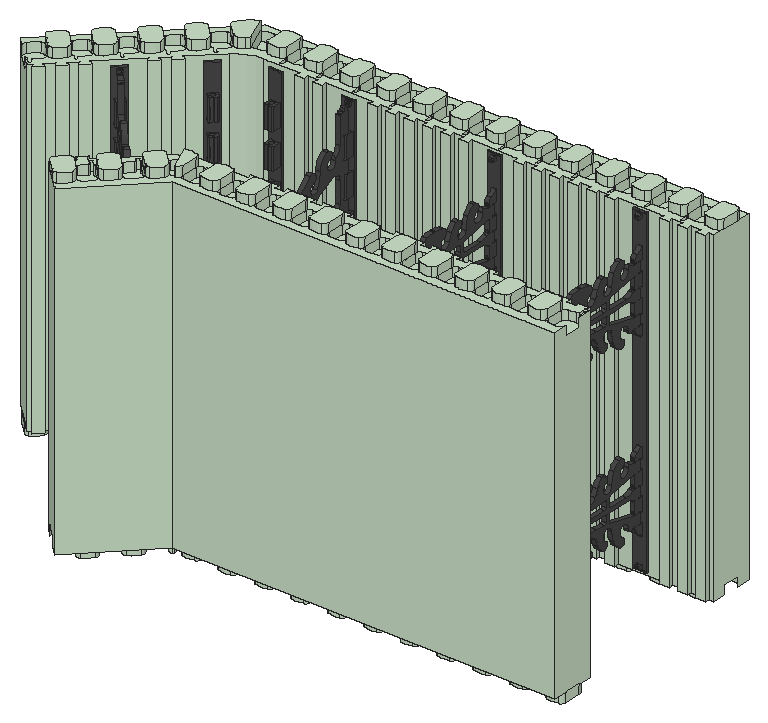
Revit family
Reference planes (in)
  plane 1 "Center (Front/Back)": y = 0
  plane 2: z = 0
  plane 3 "Center (Left/Right)": x = 0
  plane 4: y = 4
  plane 5: y = -4
  plane 6: through (-1.94975, 3.70711, 48) normal (0.7071, -0.7071, 0)
  plane 7: through (4.67464, 4.67464, 48) normal (0.7071, -0.7071, 0)
  plane 8: through (7.50307, 1.84621, 48) normal (0.7071, -0.7071, 0)
  plane 9: z = 18
Forms (in)
  Extrusion 1, solid, material "NUDURA Expanded Polystyrene Foam Insulation"
    sketch origin (0, 0, 0) x (1, 0, 0) y (0, 1, 0)
      loop
        line (-2.74416, 6.625) -> (-10.19068, -0.82151) -> (-8.5113, -2.50089) -> (-8.31249, -2.30208) -> (-8.17978, -2.52293) -> (-7.78216, -2.1253) -> (-8.00301, -1.9926) -> (-7.60538, -1.59497) -> (-7.47268, -1.81582) -> (-7.07505, -1.41819) -> (-7.2959, -1.28549) -> (-6.89827, -0.88786) -> (-6.76557, -1.10872) -> (-6.36794, -0.71109) -> (-6.58879, -0.57839) -> (-4.77695, 1.23346) -> (-4.64425, 1.0126) -> (-4.24662, 1.41023) -> (-4.46747, 1.54293) -> (-4.06985, 1.94056) -> (-3.93714, 1.71971) -> (-3.53952, 2.11734) -> (-3.76037, 2.25004) -> (-2.34619, 3.66421)
        arc (-2.34619, 3.66421) -> (-1.69735, 4.09776) -> (-0.93198, 4.25) r 2
        line (-0.93198, 4.25) -> (1.06796, 4.25) -> (1.00563, 4) -> (1.56796, 4) -> (1.50563, 4.25) -> (2.06796, 4.25) -> (2.00563, 4) -> (2.56796, 4) -> (2.50563, 4.25) -> (5.06796, 4.25) -> (5.00563, 4) -> (5.56796, 4) -> (5.50563, 4.25) -> (6.06796, 4.25) -> (6.00563, 4) -> (6.56796, 4) -> (6.50563, 4.25) -> (7.06796, 4.25) -> (7.00563, 4) -> (7.56796, 4) -> (7.50563, 4.25) -> (8.06796, 4.25) -> (8.00563, 4) -> (8.56796, 4) -> (8.50563, 4.25) -> (9.06796, 4.25) -> (9.00563, 4) -> (9.56796, 4) -> (9.50563, 4.25) -> (10.06796, 4.25) -> (10.00563, 4) -> (10.56796, 4) -> (10.50563, 4.25) -> (13.06796, 4.25) -> (13.00563, 4) -> (13.56796, 4) -> (13.50563, 4.25) -> (14.06796, 4.25) -> (14.00563, 4) -> (14.56796, 4) -> (14.50563, 4.25) -> (15.06796, 4.25) -> (15.00563, 4) -> (15.56796, 4) -> (15.50563, 4.25) -> (16.06796, 4.25) -> (16.00563, 4) -> (16.56796, 4) -> (16.50563, 4.25) -> (17.06796, 4.25) -> (17.00563, 4) -> (17.56796, 4) -> (17.50563, 4.25) -> (18.06796, 4.25) -> (18.00563, 4) -> (18.56796, 4) -> (18.50563, 4.25) -> (21.06796, 4.25) -> (21.00563, 4) -> (21.56796, 4) -> (21.50563, 4.25) -> (22.06796, 4.25) -> (22.00563, 4) -> (22.56796, 4) -> (22.50563, 4.25) -> (23.06796, 4.25) -> (23.00563, 4) -> (23.56796, 4) -> (23.50563, 4.25) -> (23.7868, 4.25) -> (23.7868, 6.625) -> (-2.74416, 6.625)
      loop
        line (23.7868, -4.25) -> (23.50563, -4.25) -> (23.56796, -4) -> (23.00563, -4) -> (23.06796, -4.25) -> (22.50563, -4.25) -> (22.56796, -4) -> (22.00563, -4) -> (22.06796, -4.25) -> (21.50563, -4.25) -> (21.56796, -4) -> (21.00563, -4) -> (21.06796, -4.25) -> (18.50563, -4.25) -> (18.56796, -4) -> (18.00563, -4) -> (18.06796, -4.25) -> (17.50563, -4.25) -> (17.56796, -4) -> (17.00563, -4) -> (17.06796, -4.25) -> (16.50563, -4.25) -> (16.56796, -4) -> (16.00563, -4) -> (16.06796, -4.25) -> (15.50563, -4.25) -> (15.56796, -4) -> (15.00563, -4) -> (15.06796, -4.25) -> (14.50563, -4.25) -> (14.56796, -4) -> (14.00563, -4) -> (14.06796, -4.25) -> (13.50563, -4.25) -> (13.56796, -4) -> (13.00563, -4) -> (13.06796, -4.25) -> (10.50563, -4.25) -> (10.56796, -4) -> (10.00563, -4) -> (10.06796, -4.25) -> (9.50563, -4.25) -> (9.56796, -4) -> (9.00563, -4) -> (9.06796, -4.25) -> (8.50563, -4.25) -> (8.56796, -4) -> (8.00563, -4) -> (8.06796, -4.25) -> (7.50563, -4.25) -> (7.56796, -4) -> (7.00563, -4) -> (7.06796, -4.25) -> (6.50563, -4.25) -> (6.56796, -4) -> (6.00563, -4) -> (6.06796, -4.25) -> (5.50563, -4.25) -> (5.56796, -4) -> (5.00563, -4) -> (5.06796, -4.25) -> (2.58883, -4.25)
        arc (2.58883, -4.25) -> (1.82347, -4.40224) -> (1.17462, -4.83579) r 2
        line (1.17462, -4.83579) -> (-0.57839, -6.58879) -> (-0.71109, -6.36794) -> (-1.10872, -6.76557) -> (-0.88786, -6.89827) -> (-1.28549, -7.2959) -> (-1.41819, -7.07505) -> (-1.81582, -7.47268) -> (-1.59497, -7.60538) -> (-1.9926, -8.00301) -> (-2.1253, -7.78216) -> (-2.52293, -8.17978) -> (-2.30208, -8.31249) -> (-2.50089, -8.5113) -> (-0.82151, -10.19068) -> (2.74416, -6.625) -> (23.7868, -6.625) -> (23.7868, -4.25)
    from 0 to 18
  Extrusion 2, solid, material "NUDURA Expanded Polystyrene Foam Insulation"
    sketch origin (-0.41421, -1, 0) x (1, 0, 0) y (0, 1, 0)
      loop
        line (2.70101, -3.6875) -> (2.35584, -3.6875) -> (2.96352, -5.15456)
        arc (2.96352, -5.15456) -> (2.99587, -5.14577) -> (3.02793, -5.13595) r 1.0625
        arc (3.02793, -5.13595) -> (3.15316, -5.04517) -> (3.20101, -4.89808) r 0.25
        line (3.20101, -4.89808) -> (3.20101, -3.97692)
        arc (3.20101, -3.97692) -> (3.15316, -3.82983) -> (3.02793, -3.73905) r 0.25
        arc (3.02793, -3.73905) -> (2.86649, -3.70047) -> (2.70101, -3.6875) r 1.0625
    from 18 to 18.5
  Extrusion 3, solid, material "NUDURA Expanded Polystyrene Foam Insulation"
    sketch origin (-0.41421, 1, 0) x (1, 0, 0) y (0, 1, 0)
      loop
        line (-1.52741, 3.6875) -> (-2.09947, 5.06856)
        arc (-2.09947, 5.06856) -> (-2.3696, 4.92417) -> (-2.60638, 4.72985) r 1.5625
        line (-2.60638, 4.72985) -> (-2.74959, 4.58664)
        arc (-2.74959, 4.58664) -> (-2.85744, 4.46046) -> (-2.94431, 4.31902) r 1.0625
        arc (-2.94431, 4.31902) -> (-2.96867, 4.16628) -> (-2.8985, 4.02844) r 0.25
        line (-2.8985, 4.02844) -> (-2.24713, 3.37708)
        arc (-2.24713, 3.37708) -> (-2.10929, 3.3069) -> (-1.95655, 3.33126) r 0.25
        arc (-1.95655, 3.33126) -> (-1.81511, 3.41814) -> (-1.68893, 3.52598) r 1.0625
        line (-1.68893, 3.52598) -> (-1.52741, 3.6875)
    from 18 to 18.5
  Extrusion 4, solid, material "NUDURA Expanded Polystyrene Foam Insulation"
    sketch origin (-0.41421, 1, 0) x (1, 0, 0) y (0, 1, 0)
      loop
        line (-1.52741, 3.6875) -> (-1.29899, 3.6875)
        arc (-1.29899, 3.6875) -> (-1.13351, 3.70047) -> (-0.97207, 3.73905) r 1.0625
        arc (-0.97207, 3.73905) -> (-0.84684, 3.82983) -> (-0.79899, 3.97692) r 0.25
        line (-0.79899, 3.97692) -> (-0.79899, 4.89808)
        arc (-0.79899, 4.89808) -> (-0.84684, 5.04517) -> (-0.97207, 5.13595) r 0.25
        arc (-0.97207, 5.13595) -> (-1.13351, 5.17453) -> (-1.29899, 5.1875) r 1.0625
        line (-1.29899, 5.1875) -> (-1.50152, 5.1875)
        arc (-1.50152, 5.1875) -> (-1.80635, 5.15748) -> (-2.09947, 5.06856) r 1.5625
        line (-2.09947, 5.06856) -> (-1.52741, 3.6875)
    from 0 to -0.5
  Extrusion 5, solid, material "NUDURA Expanded Polystyrene Foam Insulation"
    sketch origin (1, -0.41421, 0) x (1, 0, 0) y (0, 1, 0)
      loop
        line (0.54865, -5.07556) -> (1.20001, -5.72692)
        arc (1.20001, -5.72692) -> (1.33785, -5.7971) -> (1.4906, -5.77274) r 0.25
        arc (1.4906, -5.77274) -> (1.5202, -5.75701) -> (1.5493, -5.74035) r 1.0625
        line (1.5493, -5.74035) -> (0.94163, -4.27329) -> (0.69755, -4.51736)
        arc (0.69755, -4.51736) -> (0.58971, -4.64354) -> (0.50283, -4.78498) r 1.0625
        arc (0.50283, -4.78498) -> (0.47848, -4.93772) -> (0.54865, -5.07556) r 0.25
    from 0 to -0.5
  Extrusion 6, void
    sketch origin (1, -0.41421, 0) x (1, 0, 0) y (0, 1, 0)
      loop
        arc (-1.33783, -8.60117) -> (-1.07021, -8.40645) -> (-0.87549, -8.13883) r 1.0625
        arc (-0.87549, -8.13883) -> (-0.85114, -7.98608) -> (-0.92131, -7.84824) r 0.25
        line (-0.92131, -7.84824) -> (-1.57267, -7.19688)
        arc (-1.57267, -7.19688) -> (-1.64938, -7.14456) -> (-1.7399, -7.12384) r 0.25
        arc (-1.7399, -7.12384) -> (-1.76253, -7.11866) -> (-1.78171, -7.10558) r 0.0625
        line (-1.78171, -7.10558) -> (-2.02643, -6.86086) -> (-2.14723, -6.98165) -> (-1.99053, -7.13835)
        arc (-1.99053, -7.13835) -> (-1.97244, -7.18765) -> (-1.99833, -7.23335) r 0.0625
        arc (-1.99833, -7.23335) -> (-2.18471, -7.40379) -> (-2.32559, -7.6134) r 1.0625
        arc (-2.32559, -7.6134) -> (-2.34995, -7.76615) -> (-2.27978, -7.90399) r 0.25
        line (-2.27978, -7.90399) -> (-1.62842, -8.55535)
        arc (-1.62842, -8.55535) -> (-1.49058, -8.62552) -> (-1.33783, -8.60117) r 0.25
    from 18 to 17.5
  Extrusion 7, void
    sketch origin (2.41421, 1, 0) x (1, 0, 0) y (0, 1, 0)
      loop
        arc (-1.33783, -8.60117) -> (-1.07021, -8.40645) -> (-0.87549, -8.13883) r 1.0625
        arc (-0.87549, -8.13883) -> (-0.85114, -7.98608) -> (-0.92131, -7.84824) r 0.25
        line (-0.92131, -7.84824) -> (-1.57267, -7.19688)
        arc (-1.57267, -7.19688) -> (-1.64938, -7.14456) -> (-1.7399, -7.12384) r 0.25
        arc (-1.7399, -7.12384) -> (-1.76253, -7.11866) -> (-1.78171, -7.10558) r 0.0625
        line (-1.78171, -7.10558) -> (-2.02643, -6.86086) -> (-2.14723, -6.98165) -> (-1.99053, -7.13835)
        arc (-1.99053, -7.13835) -> (-1.97244, -7.18765) -> (-1.99833, -7.23335) r 0.0625
        arc (-1.99833, -7.23335) -> (-2.18471, -7.40379) -> (-2.32559, -7.6134) r 1.0625
        arc (-2.32559, -7.6134) -> (-2.34995, -7.76615) -> (-2.27978, -7.90399) r 0.25
        line (-2.27978, -7.90399) -> (-1.62842, -8.55535)
        arc (-1.62842, -8.55535) -> (-1.49058, -8.62552) -> (-1.33783, -8.60117) r 0.25
    from 18 to 17.5
  Extrusion 8, void
    sketch origin (9.98781, -1, 0) x (0.707107, -0.707107, 0) y (0.707107, 0.707107, 0)
      loop
        arc (-1.33783, -8.60117) -> (-1.07021, -8.40645) -> (-0.87549, -8.13883) r 1.0625
        arc (-0.87549, -8.13883) -> (-0.85114, -7.98608) -> (-0.92131, -7.84824) r 0.25
        line (-0.92131, -7.84824) -> (-1.57267, -7.19688)
        arc (-1.57267, -7.19688) -> (-1.64938, -7.14456) -> (-1.7399, -7.12384) r 0.25
        arc (-1.7399, -7.12384) -> (-1.76253, -7.11866) -> (-1.78171, -7.10558) r 0.0625
        line (-1.78171, -7.10558) -> (-2.02643, -6.86086) -> (-2.14723, -6.98165) -> (-1.99053, -7.13835)
        arc (-1.99053, -7.13835) -> (-1.97244, -7.18765) -> (-1.99833, -7.23335) r 0.0625
        arc (-1.99833, -7.23335) -> (-2.18471, -7.40379) -> (-2.32559, -7.6134) r 1.0625
        arc (-2.32559, -7.6134) -> (-2.34995, -7.76615) -> (-2.27978, -7.90399) r 0.25
        line (-2.27978, -7.90399) -> (-1.62842, -8.55535)
        arc (-1.62842, -8.55535) -> (-1.49058, -8.62552) -> (-1.33783, -8.60117) r 0.25
    from 18 to 17.5
  Extrusion 9, void
    sketch origin (11.98781, -1, 0) x (0.707107, -0.707107, 0) y (0.707107, 0.707107, 0)
      loop
        arc (-1.33783, -8.60117) -> (-1.07021, -8.40645) -> (-0.87549, -8.13883) r 1.0625
        arc (-0.87549, -8.13883) -> (-0.85114, -7.98608) -> (-0.92131, -7.84824) r 0.25
        line (-0.92131, -7.84824) -> (-1.57267, -7.19688)
        arc (-1.57267, -7.19688) -> (-1.64938, -7.14456) -> (-1.7399, -7.12384) r 0.25
        arc (-1.7399, -7.12384) -> (-1.76253, -7.11866) -> (-1.78171, -7.10558) r 0.0625
        line (-1.78171, -7.10558) -> (-2.02643, -6.86086) -> (-2.14723, -6.98165) -> (-1.99053, -7.13835)
        arc (-1.99053, -7.13835) -> (-1.97244, -7.18765) -> (-1.99833, -7.23335) r 0.0625
        arc (-1.99833, -7.23335) -> (-2.18471, -7.40379) -> (-2.32559, -7.6134) r 1.0625
        arc (-2.32559, -7.6134) -> (-2.34995, -7.76615) -> (-2.27978, -7.90399) r 0.25
        line (-2.27978, -7.90399) -> (-1.62842, -8.55535)
        arc (-1.62842, -8.55535) -> (-1.49058, -8.62552) -> (-1.33783, -8.60117) r 0.25
    from 18 to 17.5
  Extrusion 10, void
    sketch origin (13.98781, -1, 0) x (0.707107, -0.707107, 0) y (0.707107, 0.707107, 0)
      loop
        arc (-1.33783, -8.60117) -> (-1.07021, -8.40645) -> (-0.87549, -8.13883) r 1.0625
        arc (-0.87549, -8.13883) -> (-0.85114, -7.98608) -> (-0.92131, -7.84824) r 0.25
        line (-0.92131, -7.84824) -> (-1.57267, -7.19688)
        arc (-1.57267, -7.19688) -> (-1.64938, -7.14456) -> (-1.7399, -7.12384) r 0.25
        arc (-1.7399, -7.12384) -> (-1.76253, -7.11866) -> (-1.78171, -7.10558) r 0.0625
        line (-1.78171, -7.10558) -> (-2.02643, -6.86086) -> (-2.14723, -6.98165) -> (-1.99053, -7.13835)
        arc (-1.99053, -7.13835) -> (-1.97244, -7.18765) -> (-1.99833, -7.23335) r 0.0625
        arc (-1.99833, -7.23335) -> (-2.18471, -7.40379) -> (-2.32559, -7.6134) r 1.0625
        arc (-2.32559, -7.6134) -> (-2.34995, -7.76615) -> (-2.27978, -7.90399) r 0.25
        line (-2.27978, -7.90399) -> (-1.62842, -8.55535)
        arc (-1.62842, -8.55535) -> (-1.49058, -8.62552) -> (-1.33783, -8.60117) r 0.25
    from 18 to 17.5
  Extrusion 11, void
    sketch origin (15.98781, -1, 0) x (0.707107, -0.707107, 0) y (0.707107, 0.707107, 0)
      loop
        arc (-1.33783, -8.60117) -> (-1.07021, -8.40645) -> (-0.87549, -8.13883) r 1.0625
        arc (-0.87549, -8.13883) -> (-0.85114, -7.98608) -> (-0.92131, -7.84824) r 0.25
        line (-0.92131, -7.84824) -> (-1.57267, -7.19688)
        arc (-1.57267, -7.19688) -> (-1.64938, -7.14456) -> (-1.7399, -7.12384) r 0.25
        arc (-1.7399, -7.12384) -> (-1.76253, -7.11866) -> (-1.78171, -7.10558) r 0.0625
        line (-1.78171, -7.10558) -> (-2.02643, -6.86086) -> (-2.14723, -6.98165) -> (-1.99053, -7.13835)
        arc (-1.99053, -7.13835) -> (-1.97244, -7.18765) -> (-1.99833, -7.23335) r 0.0625
        arc (-1.99833, -7.23335) -> (-2.18471, -7.40379) -> (-2.32559, -7.6134) r 1.0625
        arc (-2.32559, -7.6134) -> (-2.34995, -7.76615) -> (-2.27978, -7.90399) r 0.25
        line (-2.27978, -7.90399) -> (-1.62842, -8.55535)
        arc (-1.62842, -8.55535) -> (-1.49058, -8.62552) -> (-1.33783, -8.60117) r 0.25
    from 18 to 17.5
  Extrusion 12, void
    sketch origin (17.98781, -1, 0) x (0.707107, -0.707107, 0) y (0.707107, 0.707107, 0)
      loop
        arc (-1.33783, -8.60117) -> (-1.07021, -8.40645) -> (-0.87549, -8.13883) r 1.0625
        arc (-0.87549, -8.13883) -> (-0.85114, -7.98608) -> (-0.92131, -7.84824) r 0.25
        line (-0.92131, -7.84824) -> (-1.57267, -7.19688)
        arc (-1.57267, -7.19688) -> (-1.64938, -7.14456) -> (-1.7399, -7.12384) r 0.25
        arc (-1.7399, -7.12384) -> (-1.76253, -7.11866) -> (-1.78171, -7.10558) r 0.0625
        line (-1.78171, -7.10558) -> (-2.02643, -6.86086) -> (-2.14723, -6.98165) -> (-1.99053, -7.13835)
        arc (-1.99053, -7.13835) -> (-1.97244, -7.18765) -> (-1.99833, -7.23335) r 0.0625
        arc (-1.99833, -7.23335) -> (-2.18471, -7.40379) -> (-2.32559, -7.6134) r 1.0625
        arc (-2.32559, -7.6134) -> (-2.34995, -7.76615) -> (-2.27978, -7.90399) r 0.25
        line (-2.27978, -7.90399) -> (-1.62842, -8.55535)
        arc (-1.62842, -8.55535) -> (-1.49058, -8.62552) -> (-1.33783, -8.60117) r 0.25
    from 18 to 17.5
  Extrusion 13, void
    sketch origin (19.98781, -1, 0) x (0.707107, -0.707107, 0) y (0.707107, 0.707107, 0)
      loop
        arc (-1.33783, -8.60117) -> (-1.07021, -8.40645) -> (-0.87549, -8.13883) r 1.0625
        arc (-0.87549, -8.13883) -> (-0.85114, -7.98608) -> (-0.92131, -7.84824) r 0.25
        line (-0.92131, -7.84824) -> (-1.57267, -7.19688)
        arc (-1.57267, -7.19688) -> (-1.64938, -7.14456) -> (-1.7399, -7.12384) r 0.25
        arc (-1.7399, -7.12384) -> (-1.76253, -7.11866) -> (-1.78171, -7.10558) r 0.0625
        line (-1.78171, -7.10558) -> (-2.02643, -6.86086) -> (-2.14723, -6.98165) -> (-1.99053, -7.13835)
        arc (-1.99053, -7.13835) -> (-1.97244, -7.18765) -> (-1.99833, -7.23335) r 0.0625
        arc (-1.99833, -7.23335) -> (-2.18471, -7.40379) -> (-2.32559, -7.6134) r 1.0625
        arc (-2.32559, -7.6134) -> (-2.34995, -7.76615) -> (-2.27978, -7.90399) r 0.25
        line (-2.27978, -7.90399) -> (-1.62842, -8.55535)
        arc (-1.62842, -8.55535) -> (-1.49058, -8.62552) -> (-1.33783, -8.60117) r 0.25
    from 18 to 17.5
  Extrusion 14, void
    sketch origin (21.98781, -1, 0) x (0.707107, -0.707107, 0) y (0.707107, 0.707107, 0)
      loop
        arc (-1.33783, -8.60117) -> (-1.07021, -8.40645) -> (-0.87549, -8.13883) r 1.0625
        arc (-0.87549, -8.13883) -> (-0.85114, -7.98608) -> (-0.92131, -7.84824) r 0.25
        line (-0.92131, -7.84824) -> (-1.57267, -7.19688)
        arc (-1.57267, -7.19688) -> (-1.64938, -7.14456) -> (-1.7399, -7.12384) r 0.25
        arc (-1.7399, -7.12384) -> (-1.76253, -7.11866) -> (-1.78171, -7.10558) r 0.0625
        line (-1.78171, -7.10558) -> (-2.02643, -6.86086) -> (-2.14723, -6.98165) -> (-1.99053, -7.13835)
        arc (-1.99053, -7.13835) -> (-1.97244, -7.18765) -> (-1.99833, -7.23335) r 0.0625
        arc (-1.99833, -7.23335) -> (-2.18471, -7.40379) -> (-2.32559, -7.6134) r 1.0625
        arc (-2.32559, -7.6134) -> (-2.34995, -7.76615) -> (-2.27978, -7.90399) r 0.25
        line (-2.27978, -7.90399) -> (-1.62842, -8.55535)
        arc (-1.62842, -8.55535) -> (-1.49058, -8.62552) -> (-1.33783, -8.60117) r 0.25
    from 18 to 17.5
  Extrusion 15, void
    sketch origin (23.98781, -1, 0) x (0.707107, -0.707107, 0) y (0.707107, 0.707107, 0)
      loop
        arc (-1.33783, -8.60117) -> (-1.07021, -8.40645) -> (-0.87549, -8.13883) r 1.0625
        arc (-0.87549, -8.13883) -> (-0.85114, -7.98608) -> (-0.92131, -7.84824) r 0.25
        line (-0.92131, -7.84824) -> (-1.57267, -7.19688)
        arc (-1.57267, -7.19688) -> (-1.64938, -7.14456) -> (-1.7399, -7.12384) r 0.25
        arc (-1.7399, -7.12384) -> (-1.76253, -7.11866) -> (-1.78171, -7.10558) r 0.0625
        line (-1.78171, -7.10558) -> (-2.02643, -6.86086) -> (-2.14723, -6.98165) -> (-1.99053, -7.13835)
        arc (-1.99053, -7.13835) -> (-1.97244, -7.18765) -> (-1.99833, -7.23335) r 0.0625
        arc (-1.99833, -7.23335) -> (-2.18471, -7.40379) -> (-2.32559, -7.6134) r 1.0625
        arc (-2.32559, -7.6134) -> (-2.34995, -7.76615) -> (-2.27978, -7.90399) r 0.25
        line (-2.27978, -7.90399) -> (-1.62842, -8.55535)
        arc (-1.62842, -8.55535) -> (-1.49058, -8.62552) -> (-1.33783, -8.60117) r 0.25
    from 18 to 17.5
  Extrusion 16, void
    sketch origin (25.98781, -1, 0) x (0.707107, -0.707107, 0) y (0.707107, 0.707107, 0)
      loop
        arc (-1.33783, -8.60117) -> (-1.07021, -8.40645) -> (-0.87549, -8.13883) r 1.0625
        arc (-0.87549, -8.13883) -> (-0.85114, -7.98608) -> (-0.92131, -7.84824) r 0.25
        line (-0.92131, -7.84824) -> (-1.57267, -7.19688)
        arc (-1.57267, -7.19688) -> (-1.64938, -7.14456) -> (-1.7399, -7.12384) r 0.25
        arc (-1.7399, -7.12384) -> (-1.76253, -7.11866) -> (-1.78171, -7.10558) r 0.0625
        line (-1.78171, -7.10558) -> (-2.02643, -6.86086) -> (-2.14723, -6.98165) -> (-1.99053, -7.13835)
        arc (-1.99053, -7.13835) -> (-1.97244, -7.18765) -> (-1.99833, -7.23335) r 0.0625
        arc (-1.99833, -7.23335) -> (-2.18471, -7.40379) -> (-2.32559, -7.6134) r 1.0625
        arc (-2.32559, -7.6134) -> (-2.34995, -7.76615) -> (-2.27978, -7.90399) r 0.25
        line (-2.27978, -7.90399) -> (-1.62842, -8.55535)
        arc (-1.62842, -8.55535) -> (-1.49058, -8.62552) -> (-1.33783, -8.60117) r 0.25
    from 18 to 17.5
  Extrusion 17, void
    sketch origin (27.98781, -1, 0) x (0.707107, -0.707107, 0) y (0.707107, 0.707107, 0)
      loop
        arc (-1.33783, -8.60117) -> (-1.07021, -8.40645) -> (-0.87549, -8.13883) r 1.0625
        arc (-0.87549, -8.13883) -> (-0.85114, -7.98608) -> (-0.92131, -7.84824) r 0.25
        line (-0.92131, -7.84824) -> (-1.57267, -7.19688)
        arc (-1.57267, -7.19688) -> (-1.64938, -7.14456) -> (-1.7399, -7.12384) r 0.25
        arc (-1.7399, -7.12384) -> (-1.76253, -7.11866) -> (-1.78171, -7.10558) r 0.0625
        line (-1.78171, -7.10558) -> (-2.02643, -6.86086) -> (-2.14723, -6.98165) -> (-1.99053, -7.13835)
        arc (-1.99053, -7.13835) -> (-1.97244, -7.18765) -> (-1.99833, -7.23335) r 0.0625
        arc (-1.99833, -7.23335) -> (-2.18471, -7.40379) -> (-2.32559, -7.6134) r 1.0625
        arc (-2.32559, -7.6134) -> (-2.34995, -7.76615) -> (-2.27978, -7.90399) r 0.25
        line (-2.27978, -7.90399) -> (-1.62842, -8.55535)
        arc (-1.62842, -8.55535) -> (-1.49058, -8.62552) -> (-1.33783, -8.60117) r 0.25
    from 18 to 17.5
  Extrusion 18, void
    sketch origin (29.98781, -1, 0) x (0.707107, -0.707107, 0) y (0.707107, 0.707107, 0)
      loop
        arc (-1.33783, -8.60117) -> (-1.07021, -8.40645) -> (-0.87549, -8.13883) r 1.0625
        arc (-0.87549, -8.13883) -> (-0.85114, -7.98608) -> (-0.92131, -7.84824) r 0.25
        line (-0.92131, -7.84824) -> (-1.57267, -7.19688)
        arc (-1.57267, -7.19688) -> (-1.64938, -7.14456) -> (-1.7399, -7.12384) r 0.25
        arc (-1.7399, -7.12384) -> (-1.76253, -7.11866) -> (-1.78171, -7.10558) r 0.0625
        line (-1.78171, -7.10558) -> (-2.02643, -6.86086) -> (-2.14723, -6.98165) -> (-1.99053, -7.13835)
        arc (-1.99053, -7.13835) -> (-1.97244, -7.18765) -> (-1.99833, -7.23335) r 0.0625
        arc (-1.99833, -7.23335) -> (-2.18471, -7.40379) -> (-2.32559, -7.6134) r 1.0625
        arc (-2.32559, -7.6134) -> (-2.34995, -7.76615) -> (-2.27978, -7.90399) r 0.25
        line (-2.27978, -7.90399) -> (-1.62842, -8.55535)
        arc (-1.62842, -8.55535) -> (-1.49058, -8.62552) -> (-1.33783, -8.60117) r 0.25
    from 18 to 17.5
  Extrusion 19, void
    sketch origin (13.58579, 1, 0) x (-0.707107, 0.707107, 0) y (-0.707107, -0.707107, 0)
      loop
        arc (-1.33783, -8.60117) -> (-1.07021, -8.40645) -> (-0.87549, -8.13883) r 1.0625
        arc (-0.87549, -8.13883) -> (-0.85114, -7.98608) -> (-0.92131, -7.84824) r 0.25
        line (-0.92131, -7.84824) -> (-1.57267, -7.19688)
        arc (-1.57267, -7.19688) -> (-1.64938, -7.14456) -> (-1.7399, -7.12384) r 0.25
        arc (-1.7399, -7.12384) -> (-1.76253, -7.11866) -> (-1.78171, -7.10558) r 0.0625
        line (-1.78171, -7.10558) -> (-2.02643, -6.86086) -> (-2.14723, -6.98165) -> (-1.99053, -7.13835)
        arc (-1.99053, -7.13835) -> (-1.97244, -7.18765) -> (-1.99833, -7.23335) r 0.0625
        arc (-1.99833, -7.23335) -> (-2.18471, -7.40379) -> (-2.32559, -7.6134) r 1.0625
        arc (-2.32559, -7.6134) -> (-2.34995, -7.76615) -> (-2.27978, -7.90399) r 0.25
        line (-2.27978, -7.90399) -> (-1.62842, -8.55535)
        arc (-1.62842, -8.55535) -> (-1.49058, -8.62552) -> (-1.33783, -8.60117) r 0.25
    from 18 to 17.5
  Extrusion 20, void
    sketch origin (15.58579, 1, 0) x (-0.707107, 0.707107, 0) y (-0.707107, -0.707107, 0)
      loop
        arc (-1.33783, -8.60117) -> (-1.07021, -8.40645) -> (-0.87549, -8.13883) r 1.0625
        arc (-0.87549, -8.13883) -> (-0.85114, -7.98608) -> (-0.92131, -7.84824) r 0.25
        line (-0.92131, -7.84824) -> (-1.57267, -7.19688)
        arc (-1.57267, -7.19688) -> (-1.64938, -7.14456) -> (-1.7399, -7.12384) r 0.25
        arc (-1.7399, -7.12384) -> (-1.76253, -7.11866) -> (-1.78171, -7.10558) r 0.0625
        line (-1.78171, -7.10558) -> (-2.02643, -6.86086) -> (-2.14723, -6.98165) -> (-1.99053, -7.13835)
        arc (-1.99053, -7.13835) -> (-1.97244, -7.18765) -> (-1.99833, -7.23335) r 0.0625
        arc (-1.99833, -7.23335) -> (-2.18471, -7.40379) -> (-2.32559, -7.6134) r 1.0625
        arc (-2.32559, -7.6134) -> (-2.34995, -7.76615) -> (-2.27978, -7.90399) r 0.25
        line (-2.27978, -7.90399) -> (-1.62842, -8.55535)
        arc (-1.62842, -8.55535) -> (-1.49058, -8.62552) -> (-1.33783, -8.60117) r 0.25
    from 18 to 17.5
  Extrusion 21, void
    sketch origin (11.58579, 1, 0) x (-0.707107, 0.707107, 0) y (-0.707107, -0.707107, 0)
      loop
        arc (-1.33783, -8.60117) -> (-1.07021, -8.40645) -> (-0.87549, -8.13883) r 1.0625
        arc (-0.87549, -8.13883) -> (-0.85114, -7.98608) -> (-0.92131, -7.84824) r 0.25
        line (-0.92131, -7.84824) -> (-1.57267, -7.19688)
        arc (-1.57267, -7.19688) -> (-1.64938, -7.14456) -> (-1.7399, -7.12384) r 0.25
        arc (-1.7399, -7.12384) -> (-1.76253, -7.11866) -> (-1.78171, -7.10558) r 0.0625
        line (-1.78171, -7.10558) -> (-2.02643, -6.86086) -> (-2.14723, -6.98165) -> (-1.99053, -7.13835)
        arc (-1.99053, -7.13835) -> (-1.97244, -7.18765) -> (-1.99833, -7.23335) r 0.0625
        arc (-1.99833, -7.23335) -> (-2.18471, -7.40379) -> (-2.32559, -7.6134) r 1.0625
        arc (-2.32559, -7.6134) -> (-2.34995, -7.76615) -> (-2.27978, -7.90399) r 0.25
        line (-2.27978, -7.90399) -> (-1.62842, -8.55535)
        arc (-1.62842, -8.55535) -> (-1.49058, -8.62552) -> (-1.33783, -8.60117) r 0.25
    from 18 to 17.5
  Extrusion 22, void
    sketch origin (9.58579, 1, 0) x (-0.707107, 0.707107, 0) y (-0.707107, -0.707107, 0)
      loop
        arc (-1.33783, -8.60117) -> (-1.07021, -8.40645) -> (-0.87549, -8.13883) r 1.0625
        arc (-0.87549, -8.13883) -> (-0.85114, -7.98608) -> (-0.92131, -7.84824) r 0.25
        line (-0.92131, -7.84824) -> (-1.57267, -7.19688)
        arc (-1.57267, -7.19688) -> (-1.64938, -7.14456) -> (-1.7399, -7.12384) r 0.25
        arc (-1.7399, -7.12384) -> (-1.76253, -7.11866) -> (-1.78171, -7.10558) r 0.0625
        line (-1.78171, -7.10558) -> (-2.02643, -6.86086) -> (-2.14723, -6.98165) -> (-1.99053, -7.13835)
        arc (-1.99053, -7.13835) -> (-1.97244, -7.18765) -> (-1.99833, -7.23335) r 0.0625
        arc (-1.99833, -7.23335) -> (-2.18471, -7.40379) -> (-2.32559, -7.6134) r 1.0625
        arc (-2.32559, -7.6134) -> (-2.34995, -7.76615) -> (-2.27978, -7.90399) r 0.25
        line (-2.27978, -7.90399) -> (-1.62842, -8.55535)
        arc (-1.62842, -8.55535) -> (-1.49058, -8.62552) -> (-1.33783, -8.60117) r 0.25
    from 18 to 17.5
  Extrusion 23, void
    sketch origin (7.58579, 1, 0) x (-0.707107, 0.707107, 0) y (-0.707107, -0.707107, 0)
      loop
        arc (-1.33783, -8.60117) -> (-1.07021, -8.40645) -> (-0.87549, -8.13883) r 1.0625
        arc (-0.87549, -8.13883) -> (-0.85114, -7.98608) -> (-0.92131, -7.84824) r 0.25
        line (-0.92131, -7.84824) -> (-1.57267, -7.19688)
        arc (-1.57267, -7.19688) -> (-1.64938, -7.14456) -> (-1.7399, -7.12384) r 0.25
        arc (-1.7399, -7.12384) -> (-1.76253, -7.11866) -> (-1.78171, -7.10558) r 0.0625
        line (-1.78171, -7.10558) -> (-2.02643, -6.86086) -> (-2.14723, -6.98165) -> (-1.99053, -7.13835)
        arc (-1.99053, -7.13835) -> (-1.97244, -7.18765) -> (-1.99833, -7.23335) r 0.0625
        arc (-1.99833, -7.23335) -> (-2.18471, -7.40379) -> (-2.32559, -7.6134) r 1.0625
        arc (-2.32559, -7.6134) -> (-2.34995, -7.76615) -> (-2.27978, -7.90399) r 0.25
        line (-2.27978, -7.90399) -> (-1.62842, -8.55535)
        arc (-1.62842, -8.55535) -> (-1.49058, -8.62552) -> (-1.33783, -8.60117) r 0.25
    from 18 to 17.5
  Extrusion 24, void
    sketch origin (5.58579, 1, 0) x (-0.707107, 0.707107, 0) y (-0.707107, -0.707107, 0)
      loop
        arc (-1.33783, -8.60117) -> (-1.07021, -8.40645) -> (-0.87549, -8.13883) r 1.0625
        arc (-0.87549, -8.13883) -> (-0.85114, -7.98608) -> (-0.92131, -7.84824) r 0.25
        line (-0.92131, -7.84824) -> (-1.57267, -7.19688)
        arc (-1.57267, -7.19688) -> (-1.64938, -7.14456) -> (-1.7399, -7.12384) r 0.25
        arc (-1.7399, -7.12384) -> (-1.76253, -7.11866) -> (-1.78171, -7.10558) r 0.0625
        line (-1.78171, -7.10558) -> (-2.02643, -6.86086) -> (-2.14723, -6.98165) -> (-1.99053, -7.13835)
        arc (-1.99053, -7.13835) -> (-1.97244, -7.18765) -> (-1.99833, -7.23335) r 0.0625
        arc (-1.99833, -7.23335) -> (-2.18471, -7.40379) -> (-2.32559, -7.6134) r 1.0625
        arc (-2.32559, -7.6134) -> (-2.34995, -7.76615) -> (-2.27978, -7.90399) r 0.25
        line (-2.27978, -7.90399) -> (-1.62842, -8.55535)
        arc (-1.62842, -8.55535) -> (-1.49058, -8.62552) -> (-1.33783, -8.60117) r 0.25
    from 18 to 17.5
  Extrusion 25, void
    sketch origin (3.58579, 1, 0) x (-0.707107, 0.707107, 0) y (-0.707107, -0.707107, 0)
      loop
        arc (-1.33783, -8.60117) -> (-1.07021, -8.40645) -> (-0.87549, -8.13883) r 1.0625
        arc (-0.87549, -8.13883) -> (-0.85114, -7.98608) -> (-0.92131, -7.84824) r 0.25
        line (-0.92131, -7.84824) -> (-1.57267, -7.19688)
        arc (-1.57267, -7.19688) -> (-1.64938, -7.14456) -> (-1.7399, -7.12384) r 0.25
        arc (-1.7399, -7.12384) -> (-1.76253, -7.11866) -> (-1.78171, -7.10558) r 0.0625
        line (-1.78171, -7.10558) -> (-2.02643, -6.86086) -> (-2.14723, -6.98165) -> (-1.99053, -7.13835)
        arc (-1.99053, -7.13835) -> (-1.97244, -7.18765) -> (-1.99833, -7.23335) r 0.0625
        arc (-1.99833, -7.23335) -> (-2.18471, -7.40379) -> (-2.32559, -7.6134) r 1.0625
        arc (-2.32559, -7.6134) -> (-2.34995, -7.76615) -> (-2.27978, -7.90399) r 0.25
        line (-2.27978, -7.90399) -> (-1.62842, -8.55535)
        arc (-1.62842, -8.55535) -> (-1.49058, -8.62552) -> (-1.33783, -8.60117) r 0.25
    from 18 to 17.5
  Extrusion 26, void
    sketch origin (1.58579, 1, 0) x (-0.707107, 0.707107, 0) y (-0.707107, -0.707107, 0)
      loop
        arc (-1.33783, -8.60117) -> (-1.07021, -8.40645) -> (-0.87549, -8.13883) r 1.0625
        arc (-0.87549, -8.13883) -> (-0.85114, -7.98608) -> (-0.92131, -7.84824) r 0.25
        line (-0.92131, -7.84824) -> (-1.57267, -7.19688)
        arc (-1.57267, -7.19688) -> (-1.64938, -7.14456) -> (-1.7399, -7.12384) r 0.25
        arc (-1.7399, -7.12384) -> (-1.76253, -7.11866) -> (-1.78171, -7.10558) r 0.0625
        line (-1.78171, -7.10558) -> (-2.02643, -6.86086) -> (-2.14723, -6.98165) -> (-1.99053, -7.13835)
        arc (-1.99053, -7.13835) -> (-1.97244, -7.18765) -> (-1.99833, -7.23335) r 0.0625
        arc (-1.99833, -7.23335) -> (-2.18471, -7.40379) -> (-2.32559, -7.6134) r 1.0625
        arc (-2.32559, -7.6134) -> (-2.34995, -7.76615) -> (-2.27978, -7.90399) r 0.25
        line (-2.27978, -7.90399) -> (-1.62842, -8.55535)
        arc (-1.62842, -8.55535) -> (-1.49058, -8.62552) -> (-1.33783, -8.60117) r 0.25
    from 18 to 17.5
  Extrusion 27, void
    sketch origin (-0.41421, 1, 0) x (-0.707107, 0.707107, 0) y (-0.707107, -0.707107, 0)
      loop
        arc (-1.33783, -8.60117) -> (-1.07021, -8.40645) -> (-0.87549, -8.13883) r 1.0625
        arc (-0.87549, -8.13883) -> (-0.85114, -7.98608) -> (-0.92131, -7.84824) r 0.25
        line (-0.92131, -7.84824) -> (-1.57267, -7.19688)
        arc (-1.57267, -7.19688) -> (-1.64938, -7.14456) -> (-1.7399, -7.12384) r 0.25
        arc (-1.7399, -7.12384) -> (-1.76253, -7.11866) -> (-1.78171, -7.10558) r 0.0625
        line (-1.78171, -7.10558) -> (-2.02643, -6.86086) -> (-2.14723, -6.98165) -> (-1.99053, -7.13835)
        arc (-1.99053, -7.13835) -> (-1.97244, -7.18765) -> (-1.99833, -7.23335) r 0.0625
        arc (-1.99833, -7.23335) -> (-2.18471, -7.40379) -> (-2.32559, -7.6134) r 1.0625
        arc (-2.32559, -7.6134) -> (-2.34995, -7.76615) -> (-2.27978, -7.90399) r 0.25
        line (-2.27978, -7.90399) -> (-1.62842, -8.55535)
        arc (-1.62842, -8.55535) -> (-1.49058, -8.62552) -> (-1.33783, -8.60117) r 0.25
    from 18 to 17.5
  Extrusion 28, void
    sketch origin (-2.41421, 1, 0) x (-0.707107, 0.707107, 0) y (-0.707107, -0.707107, 0)
      loop
        arc (-1.33783, -8.60117) -> (-1.07021, -8.40645) -> (-0.87549, -8.13883) r 1.0625
        arc (-0.87549, -8.13883) -> (-0.85114, -7.98608) -> (-0.92131, -7.84824) r 0.25
        line (-0.92131, -7.84824) -> (-1.57267, -7.19688)
        arc (-1.57267, -7.19688) -> (-1.64938, -7.14456) -> (-1.7399, -7.12384) r 0.25
        arc (-1.7399, -7.12384) -> (-1.76253, -7.11866) -> (-1.78171, -7.10558) r 0.0625
        line (-1.78171, -7.10558) -> (-2.02643, -6.86086) -> (-2.14723, -6.98165) -> (-1.99053, -7.13835)
        arc (-1.99053, -7.13835) -> (-1.97244, -7.18765) -> (-1.99833, -7.23335) r 0.0625
        arc (-1.99833, -7.23335) -> (-2.18471, -7.40379) -> (-2.32559, -7.6134) r 1.0625
        arc (-2.32559, -7.6134) -> (-2.34995, -7.76615) -> (-2.27978, -7.90399) r 0.25
        line (-2.27978, -7.90399) -> (-1.62842, -8.55535)
        arc (-1.62842, -8.55535) -> (-1.49058, -8.62552) -> (-1.33783, -8.60117) r 0.25
    from 18 to 17.5
  Extrusion 29, void
    sketch origin (-4.41421, 1, 0) x (-0.707107, 0.707107, 0) y (-0.707107, -0.707107, 0)
      loop
        arc (-1.33783, -8.60117) -> (-1.07021, -8.40645) -> (-0.87549, -8.13883) r 1.0625
        arc (-0.87549, -8.13883) -> (-0.85114, -7.98608) -> (-0.92131, -7.84824) r 0.25
        line (-0.92131, -7.84824) -> (-1.57267, -7.19688)
        arc (-1.57267, -7.19688) -> (-1.64938, -7.14456) -> (-1.7399, -7.12384) r 0.25
        arc (-1.7399, -7.12384) -> (-1.76253, -7.11866) -> (-1.78171, -7.10558) r 0.0625
        line (-1.78171, -7.10558) -> (-2.02643, -6.86086) -> (-2.14723, -6.98165) -> (-1.99053, -7.13835)
        arc (-1.99053, -7.13835) -> (-1.97244, -7.18765) -> (-1.99833, -7.23335) r 0.0625
        arc (-1.99833, -7.23335) -> (-2.18471, -7.40379) -> (-2.32559, -7.6134) r 1.0625
        arc (-2.32559, -7.6134) -> (-2.34995, -7.76615) -> (-2.27978, -7.90399) r 0.25
        line (-2.27978, -7.90399) -> (-1.62842, -8.55535)
        arc (-1.62842, -8.55535) -> (-1.49058, -8.62552) -> (-1.33783, -8.60117) r 0.25
    from 18 to 17.5
  Extrusion 30, void
    sketch origin (-6.41421, 1, 0) x (-0.707107, 0.707107, 0) y (-0.707107, -0.707107, 0)
      loop
        arc (-1.33783, -8.60117) -> (-1.07021, -8.40645) -> (-0.87549, -8.13883) r 1.0625
        arc (-0.87549, -8.13883) -> (-0.85114, -7.98608) -> (-0.92131, -7.84824) r 0.25
        line (-0.92131, -7.84824) -> (-1.57267, -7.19688)
        arc (-1.57267, -7.19688) -> (-1.64938, -7.14456) -> (-1.7399, -7.12384) r 0.25
        arc (-1.7399, -7.12384) -> (-1.76253, -7.11866) -> (-1.78171, -7.10558) r 0.0625
        line (-1.78171, -7.10558) -> (-2.02643, -6.86086) -> (-2.14723, -6.98165) -> (-1.99053, -7.13835)
        arc (-1.99053, -7.13835) -> (-1.97244, -7.18765) -> (-1.99833, -7.23335) r 0.0625
        arc (-1.99833, -7.23335) -> (-2.18471, -7.40379) -> (-2.32559, -7.6134) r 1.0625
        arc (-2.32559, -7.6134) -> (-2.34995, -7.76615) -> (-2.27978, -7.90399) r 0.25
        line (-2.27978, -7.90399) -> (-1.62842, -8.55535)
        arc (-1.62842, -8.55535) -> (-1.49058, -8.62552) -> (-1.33783, -8.60117) r 0.25
    from 18 to 17.5
  Extrusion 31, void
    sketch origin (-10.59798, -9.18377, 0) x (-1, 0, 0) y (0, -1, 0)
      loop
        arc (-1.33783, -8.60117) -> (-1.07021, -8.40645) -> (-0.87549, -8.13883) r 1.0625
        arc (-0.87549, -8.13883) -> (-0.85114, -7.98608) -> (-0.92131, -7.84824) r 0.25
        line (-0.92131, -7.84824) -> (-1.57267, -7.19688)
        arc (-1.57267, -7.19688) -> (-1.64938, -7.14456) -> (-1.7399, -7.12384) r 0.25
        arc (-1.7399, -7.12384) -> (-1.76253, -7.11866) -> (-1.78171, -7.10558) r 0.0625
        line (-1.78171, -7.10558) -> (-2.02643, -6.86086) -> (-2.14723, -6.98165) -> (-1.99053, -7.13835)
        arc (-1.99053, -7.13835) -> (-1.97244, -7.18765) -> (-1.99833, -7.23335) r 0.0625
        arc (-1.99833, -7.23335) -> (-2.18471, -7.40379) -> (-2.32559, -7.6134) r 1.0625
        arc (-2.32559, -7.6134) -> (-2.34995, -7.76615) -> (-2.27978, -7.90399) r 0.25
        line (-2.27978, -7.90399) -> (-1.62842, -8.55535)
        arc (-1.62842, -8.55535) -> (-1.49058, -8.62552) -> (-1.33783, -8.60117) r 0.25
    from 18 to 17.5
  Extrusion 32, void
    sketch origin (-9.18377, -7.76955, 0) x (-1, 0, 0) y (0, -1, 0)
      loop
        arc (-1.33783, -8.60117) -> (-1.07021, -8.40645) -> (-0.87549, -8.13883) r 1.0625
        arc (-0.87549, -8.13883) -> (-0.85114, -7.98608) -> (-0.92131, -7.84824) r 0.25
        line (-0.92131, -7.84824) -> (-1.57267, -7.19688)
        arc (-1.57267, -7.19688) -> (-1.64938, -7.14456) -> (-1.7399, -7.12384) r 0.25
        arc (-1.7399, -7.12384) -> (-1.76253, -7.11866) -> (-1.78171, -7.10558) r 0.0625
        line (-1.78171, -7.10558) -> (-2.02643, -6.86086) -> (-2.14723, -6.98165) -> (-1.99053, -7.13835)
        arc (-1.99053, -7.13835) -> (-1.97244, -7.18765) -> (-1.99833, -7.23335) r 0.0625
        arc (-1.99833, -7.23335) -> (-2.18471, -7.40379) -> (-2.32559, -7.6134) r 1.0625
        arc (-2.32559, -7.6134) -> (-2.34995, -7.76615) -> (-2.27978, -7.90399) r 0.25
        line (-2.27978, -7.90399) -> (-1.62842, -8.55535)
        arc (-1.62842, -8.55535) -> (-1.49058, -8.62552) -> (-1.33783, -8.60117) r 0.25
    from 18 to 17.5
  Extrusion 33, void
    sketch origin (-7.76955, -6.35534, 0) x (-1, 0, 0) y (0, -1, 0)
      loop
        arc (-1.33783, -8.60117) -> (-1.07021, -8.40645) -> (-0.87549, -8.13883) r 1.0625
        arc (-0.87549, -8.13883) -> (-0.85114, -7.98608) -> (-0.92131, -7.84824) r 0.25
        line (-0.92131, -7.84824) -> (-1.57267, -7.19688)
        arc (-1.57267, -7.19688) -> (-1.64938, -7.14456) -> (-1.7399, -7.12384) r 0.25
        arc (-1.7399, -7.12384) -> (-1.76253, -7.11866) -> (-1.78171, -7.10558) r 0.0625
        line (-1.78171, -7.10558) -> (-2.02643, -6.86086) -> (-2.14723, -6.98165) -> (-1.99053, -7.13835)
        arc (-1.99053, -7.13835) -> (-1.97244, -7.18765) -> (-1.99833, -7.23335) r 0.0625
        arc (-1.99833, -7.23335) -> (-2.18471, -7.40379) -> (-2.32559, -7.6134) r 1.0625
        arc (-2.32559, -7.6134) -> (-2.34995, -7.76615) -> (-2.27978, -7.90399) r 0.25
        line (-2.27978, -7.90399) -> (-1.62842, -8.55535)
        arc (-1.62842, -8.55535) -> (-1.49058, -8.62552) -> (-1.33783, -8.60117) r 0.25
    from 18 to 17.5
  Extrusion 34, void
    sketch origin (-6.35534, -4.94113, 0) x (-1, 0, 0) y (0, -1, 0)
      loop
        arc (-1.33783, -8.60117) -> (-1.07021, -8.40645) -> (-0.87549, -8.13883) r 1.0625
        arc (-0.87549, -8.13883) -> (-0.85114, -7.98608) -> (-0.92131, -7.84824) r 0.25
        line (-0.92131, -7.84824) -> (-1.57267, -7.19688)
        arc (-1.57267, -7.19688) -> (-1.64938, -7.14456) -> (-1.7399, -7.12384) r 0.25
        arc (-1.7399, -7.12384) -> (-1.76253, -7.11866) -> (-1.78171, -7.10558) r 0.0625
        line (-1.78171, -7.10558) -> (-2.02643, -6.86086) -> (-2.14723, -6.98165) -> (-1.99053, -7.13835)
        arc (-1.99053, -7.13835) -> (-1.97244, -7.18765) -> (-1.99833, -7.23335) r 0.0625
        arc (-1.99833, -7.23335) -> (-2.18471, -7.40379) -> (-2.32559, -7.6134) r 1.0625
        arc (-2.32559, -7.6134) -> (-2.34995, -7.76615) -> (-2.27978, -7.90399) r 0.25
        line (-2.27978, -7.90399) -> (-1.62842, -8.55535)
        arc (-1.62842, -8.55535) -> (-1.49058, -8.62552) -> (-1.33783, -8.60117) r 0.25
    from 18 to 17.5
  Extrusion 35, void
    sketch origin (-4.94113, -3.52691, 0) x (-1, 0, 0) y (0, -1, 0)
      loop
        arc (-1.33783, -8.60117) -> (-1.07021, -8.40645) -> (-0.87549, -8.13883) r 1.0625
        arc (-0.87549, -8.13883) -> (-0.85114, -7.98608) -> (-0.92131, -7.84824) r 0.25
        line (-0.92131, -7.84824) -> (-1.57267, -7.19688)
        arc (-1.57267, -7.19688) -> (-1.64938, -7.14456) -> (-1.7399, -7.12384) r 0.25
        arc (-1.7399, -7.12384) -> (-1.76253, -7.11866) -> (-1.78171, -7.10558) r 0.0625
        line (-1.78171, -7.10558) -> (-2.02643, -6.86086) -> (-2.14723, -6.98165) -> (-1.99053, -7.13835)
        arc (-1.99053, -7.13835) -> (-1.97244, -7.18765) -> (-1.99833, -7.23335) r 0.0625
        arc (-1.99833, -7.23335) -> (-2.18471, -7.40379) -> (-2.32559, -7.6134) r 1.0625
        arc (-2.32559, -7.6134) -> (-2.34995, -7.76615) -> (-2.27978, -7.90399) r 0.25
        line (-2.27978, -7.90399) -> (-1.62842, -8.55535)
        arc (-1.62842, -8.55535) -> (-1.49058, -8.62552) -> (-1.33783, -8.60117) r 0.25
    from 18 to 17.5
  Extrusion 36, void
    sketch origin (1, -0.41421, 0) x (1, 0, 0) y (0, 1, 0)
      loop
        line (0.94163, -4.27329) -> (0.69755, -4.51736)
        arc (0.69755, -4.51736) -> (0.58971, -4.64354) -> (0.50283, -4.78498) r 1.0625
        arc (0.50283, -4.78498) -> (0.47848, -4.93772) -> (0.54865, -5.07556) r 0.25
        line (0.54865, -5.07556) -> (1.20001, -5.72692)
        arc (1.20001, -5.72692) -> (1.33785, -5.7971) -> (1.4906, -5.77274) r 0.25
        arc (1.4906, -5.77274) -> (1.5202, -5.75701) -> (1.5493, -5.74035) r 1.0625
        line (1.5493, -5.74035) -> (0.94163, -4.27329)
    from 18 to 17.5
  Extrusion 37, void
    sketch origin (-0.41421, 1, 0) x (1, 0, 0) y (0, 1, 0)
      loop
        line (-1.52741, 3.6875) -> (-1.29899, 3.6875)
        arc (-1.29899, 3.6875) -> (-1.13351, 3.70047) -> (-0.97207, 3.73905) r 1.0625
        arc (-0.97207, 3.73905) -> (-0.84684, 3.82983) -> (-0.79899, 3.97692) r 0.25
        line (-0.79899, 3.97692) -> (-0.79899, 4.89808)
        arc (-0.79899, 4.89808) -> (-0.84684, 5.04517) -> (-0.97207, 5.13595) r 0.25
        arc (-0.97207, 5.13595) -> (-1.13351, 5.17453) -> (-1.29899, 5.1875) r 1.0625
        line (-1.29899, 5.1875) -> (-1.50152, 5.1875)
        arc (-1.50152, 5.1875) -> (-1.80635, 5.15748) -> (-2.09947, 5.06856) r 1.5625
        line (-2.09947, 5.06856) -> (-1.52741, 3.6875)
    from 18 to 17.5
  Extrusion 38, void
    sketch origin (-0.41421, -1, 0) x (1, 0, 0) y (0, 1, 0)
      loop
        line (2.70101, -3.6875) -> (2.35584, -3.6875) -> (2.96352, -5.15456)
        arc (2.96352, -5.15456) -> (2.99587, -5.14577) -> (3.02793, -5.13595) r 1.0625
        arc (3.02793, -5.13595) -> (3.15316, -5.04517) -> (3.20101, -4.89808) r 0.25
        line (3.20101, -4.89808) -> (3.20101, -3.97692)
        arc (3.20101, -3.97692) -> (3.15316, -3.82983) -> (3.02793, -3.73905) r 0.25
        arc (3.02793, -3.73905) -> (2.86649, -3.70047) -> (2.70101, -3.6875) r 1.0625
    from 0 to 0.5
  Extrusion 39, void
    sketch origin (-0.41421, 1, 0) x (1, 0, 0) y (0, 1, 0)
      loop
        line (-2.60638, 4.72985) -> (-2.74959, 4.58664)
        arc (-2.74959, 4.58664) -> (-2.85744, 4.46046) -> (-2.94431, 4.31902) r 1.0625
        arc (-2.94431, 4.31902) -> (-2.96867, 4.16628) -> (-2.8985, 4.02844) r 0.25
        line (-2.8985, 4.02844) -> (-2.24713, 3.37708)
        arc (-2.24713, 3.37708) -> (-2.10929, 3.3069) -> (-1.95655, 3.33126) r 0.25
        arc (-1.95655, 3.33126) -> (-1.81511, 3.41814) -> (-1.68893, 3.52598) r 1.0625
        line (-1.68893, 3.52598) -> (-1.52741, 3.6875) -> (-2.09947, 5.06856)
        arc (-2.09947, 5.06856) -> (-2.3696, 4.92417) -> (-2.60638, 4.72985) r 1.5625
    from 0 to 0.5
  Extrusion 40, void
    sketch origin (-9.18377, -10.59798, 0) x (0, -1, 0) y (1, 0, 0)
      loop
        arc (-1.33783, 8.60117) -> (-1.49058, 8.62552) -> (-1.62842, 8.55535) r 0.25
        line (-1.62842, 8.55535) -> (-2.27978, 7.90399)
        arc (-2.27978, 7.90399) -> (-2.34995, 7.76615) -> (-2.32559, 7.6134) r 0.25
        arc (-2.32559, 7.6134) -> (-2.18471, 7.40379) -> (-1.99833, 7.23335) r 1.0625
        arc (-1.99833, 7.23335) -> (-1.97244, 7.18765) -> (-1.99053, 7.13835) r 0.0625
        line (-1.99053, 7.13835) -> (-2.14723, 6.98165) -> (-2.02643, 6.86086) -> (-1.78171, 7.10558)
        arc (-1.78171, 7.10558) -> (-1.76253, 7.11866) -> (-1.7399, 7.12384) r 0.0625
        arc (-1.7399, 7.12384) -> (-1.64938, 7.14456) -> (-1.57267, 7.19688) r 0.25
        line (-1.57267, 7.19688) -> (-0.92131, 7.84824)
        arc (-0.92131, 7.84824) -> (-0.85114, 7.98608) -> (-0.87549, 8.13883) r 0.25
        arc (-0.87549, 8.13883) -> (-1.07021, 8.40645) -> (-1.33783, 8.60117) r 1.0625
    from 0 to 0.5
  Extrusion 41, void
    sketch origin (-7.76955, -9.18377, 0) x (0, -1, 0) y (1, 0, 0)
      loop
        arc (-1.33783, 8.60117) -> (-1.49058, 8.62552) -> (-1.62842, 8.55535) r 0.25
        line (-1.62842, 8.55535) -> (-2.27978, 7.90399)
        arc (-2.27978, 7.90399) -> (-2.34995, 7.76615) -> (-2.32559, 7.6134) r 0.25
        arc (-2.32559, 7.6134) -> (-2.18471, 7.40379) -> (-1.99833, 7.23335) r 1.0625
        arc (-1.99833, 7.23335) -> (-1.97244, 7.18765) -> (-1.99053, 7.13835) r 0.0625
        line (-1.99053, 7.13835) -> (-2.14723, 6.98165) -> (-2.02643, 6.86086) -> (-1.78171, 7.10558)
        arc (-1.78171, 7.10558) -> (-1.76253, 7.11866) -> (-1.7399, 7.12384) r 0.0625
        arc (-1.7399, 7.12384) -> (-1.64938, 7.14456) -> (-1.57267, 7.19688) r 0.25
        line (-1.57267, 7.19688) -> (-0.92131, 7.84824)
        arc (-0.92131, 7.84824) -> (-0.85114, 7.98608) -> (-0.87549, 8.13883) r 0.25
        arc (-0.87549, 8.13883) -> (-1.07021, 8.40645) -> (-1.33783, 8.60117) r 1.0625
    from 0 to 0.5
  Extrusion 42, void
    sketch origin (-6.35534, -7.76955, 0) x (0, -1, 0) y (1, 0, 0)
      loop
        arc (-1.33783, 8.60117) -> (-1.49058, 8.62552) -> (-1.62842, 8.55535) r 0.25
        line (-1.62842, 8.55535) -> (-2.27978, 7.90399)
        arc (-2.27978, 7.90399) -> (-2.34995, 7.76615) -> (-2.32559, 7.6134) r 0.25
        arc (-2.32559, 7.6134) -> (-2.18471, 7.40379) -> (-1.99833, 7.23335) r 1.0625
        arc (-1.99833, 7.23335) -> (-1.97244, 7.18765) -> (-1.99053, 7.13835) r 0.0625
        line (-1.99053, 7.13835) -> (-2.14723, 6.98165) -> (-2.02643, 6.86086) -> (-1.78171, 7.10558)
        arc (-1.78171, 7.10558) -> (-1.76253, 7.11866) -> (-1.7399, 7.12384) r 0.0625
        arc (-1.7399, 7.12384) -> (-1.64938, 7.14456) -> (-1.57267, 7.19688) r 0.25
        line (-1.57267, 7.19688) -> (-0.92131, 7.84824)
        arc (-0.92131, 7.84824) -> (-0.85114, 7.98608) -> (-0.87549, 8.13883) r 0.25
        arc (-0.87549, 8.13883) -> (-1.07021, 8.40645) -> (-1.33783, 8.60117) r 1.0625
    from 0 to 0.5
  Extrusion 43, void
    sketch origin (-2.41421, -1, 0) x (-0.707107, -0.707107, 0) y (0.707107, -0.707107, 0)
      loop
        arc (-1.33783, 8.60117) -> (-1.49058, 8.62552) -> (-1.62842, 8.55535) r 0.25
        line (-1.62842, 8.55535) -> (-2.27978, 7.90399)
        arc (-2.27978, 7.90399) -> (-2.34995, 7.76615) -> (-2.32559, 7.6134) r 0.25
        arc (-2.32559, 7.6134) -> (-2.18471, 7.40379) -> (-1.99833, 7.23335) r 1.0625
        arc (-1.99833, 7.23335) -> (-1.97244, 7.18765) -> (-1.99053, 7.13835) r 0.0625
        line (-1.99053, 7.13835) -> (-2.14723, 6.98165) -> (-2.02643, 6.86086) -> (-1.78171, 7.10558)
        arc (-1.78171, 7.10558) -> (-1.76253, 7.11866) -> (-1.7399, 7.12384) r 0.0625
        arc (-1.7399, 7.12384) -> (-1.64938, 7.14456) -> (-1.57267, 7.19688) r 0.25
        line (-1.57267, 7.19688) -> (-0.92131, 7.84824)
        arc (-0.92131, 7.84824) -> (-0.85114, 7.98608) -> (-0.87549, 8.13883) r 0.25
        arc (-0.87549, 8.13883) -> (-1.07021, 8.40645) -> (-1.33783, 8.60117) r 1.0625
    from 0 to 0.5
  Extrusion 44, void
    sketch origin (-0.41421, -1, 0) x (-0.707107, -0.707107, 0) y (0.707107, -0.707107, 0)
      loop
        arc (-1.33783, 8.60117) -> (-1.49058, 8.62552) -> (-1.62842, 8.55535) r 0.25
        line (-1.62842, 8.55535) -> (-2.27978, 7.90399)
        arc (-2.27978, 7.90399) -> (-2.34995, 7.76615) -> (-2.32559, 7.6134) r 0.25
        arc (-2.32559, 7.6134) -> (-2.18471, 7.40379) -> (-1.99833, 7.23335) r 1.0625
        arc (-1.99833, 7.23335) -> (-1.97244, 7.18765) -> (-1.99053, 7.13835) r 0.0625
        line (-1.99053, 7.13835) -> (-2.14723, 6.98165) -> (-2.02643, 6.86086) -> (-1.78171, 7.10558)
        arc (-1.78171, 7.10558) -> (-1.76253, 7.11866) -> (-1.7399, 7.12384) r 0.0625
        arc (-1.7399, 7.12384) -> (-1.64938, 7.14456) -> (-1.57267, 7.19688) r 0.25
        line (-1.57267, 7.19688) -> (-0.92131, 7.84824)
        arc (-0.92131, 7.84824) -> (-0.85114, 7.98608) -> (-0.87549, 8.13883) r 0.25
        arc (-0.87549, 8.13883) -> (-1.07021, 8.40645) -> (-1.33783, 8.60117) r 1.0625
    from 0 to 0.5
  Extrusion 45, void
    sketch origin (1.58579, -1, 0) x (-0.707107, -0.707107, 0) y (0.707107, -0.707107, 0)
      loop
        arc (-1.33783, 8.60117) -> (-1.49058, 8.62552) -> (-1.62842, 8.55535) r 0.25
        line (-1.62842, 8.55535) -> (-2.27978, 7.90399)
        arc (-2.27978, 7.90399) -> (-2.34995, 7.76615) -> (-2.32559, 7.6134) r 0.25
        arc (-2.32559, 7.6134) -> (-2.18471, 7.40379) -> (-1.99833, 7.23335) r 1.0625
        arc (-1.99833, 7.23335) -> (-1.97244, 7.18765) -> (-1.99053, 7.13835) r 0.0625
        line (-1.99053, 7.13835) -> (-2.14723, 6.98165) -> (-2.02643, 6.86086) -> (-1.78171, 7.10558)
        arc (-1.78171, 7.10558) -> (-1.76253, 7.11866) -> (-1.7399, 7.12384) r 0.0625
        arc (-1.7399, 7.12384) -> (-1.64938, 7.14456) -> (-1.57267, 7.19688) r 0.25
        line (-1.57267, 7.19688) -> (-0.92131, 7.84824)
        arc (-0.92131, 7.84824) -> (-0.85114, 7.98608) -> (-0.87549, 8.13883) r 0.25
        arc (-0.87549, 8.13883) -> (-1.07021, 8.40645) -> (-1.33783, 8.60117) r 1.0625
    from 0 to 0.5
  Extrusion 46, void
    sketch origin (3.58579, -1, 0) x (-0.707107, -0.707107, 0) y (0.707107, -0.707107, 0)
      loop
        arc (-1.33783, 8.60117) -> (-1.49058, 8.62552) -> (-1.62842, 8.55535) r 0.25
        line (-1.62842, 8.55535) -> (-2.27978, 7.90399)
        arc (-2.27978, 7.90399) -> (-2.34995, 7.76615) -> (-2.32559, 7.6134) r 0.25
        arc (-2.32559, 7.6134) -> (-2.18471, 7.40379) -> (-1.99833, 7.23335) r 1.0625
        arc (-1.99833, 7.23335) -> (-1.97244, 7.18765) -> (-1.99053, 7.13835) r 0.0625
        line (-1.99053, 7.13835) -> (-2.14723, 6.98165) -> (-2.02643, 6.86086) -> (-1.78171, 7.10558)
        arc (-1.78171, 7.10558) -> (-1.76253, 7.11866) -> (-1.7399, 7.12384) r 0.0625
        arc (-1.7399, 7.12384) -> (-1.64938, 7.14456) -> (-1.57267, 7.19688) r 0.25
        line (-1.57267, 7.19688) -> (-0.92131, 7.84824)
        arc (-0.92131, 7.84824) -> (-0.85114, 7.98608) -> (-0.87549, 8.13883) r 0.25
        arc (-0.87549, 8.13883) -> (-1.07021, 8.40645) -> (-1.33783, 8.60117) r 1.0625
    from 0 to 0.5
  Extrusion 47, void
    sketch origin (5.58579, -1, 0) x (-0.707107, -0.707107, 0) y (0.707107, -0.707107, 0)
      loop
        arc (-1.33783, 8.60117) -> (-1.49058, 8.62552) -> (-1.62842, 8.55535) r 0.25
        line (-1.62842, 8.55535) -> (-2.27978, 7.90399)
        arc (-2.27978, 7.90399) -> (-2.34995, 7.76615) -> (-2.32559, 7.6134) r 0.25
        arc (-2.32559, 7.6134) -> (-2.18471, 7.40379) -> (-1.99833, 7.23335) r 1.0625
        arc (-1.99833, 7.23335) -> (-1.97244, 7.18765) -> (-1.99053, 7.13835) r 0.0625
        line (-1.99053, 7.13835) -> (-2.14723, 6.98165) -> (-2.02643, 6.86086) -> (-1.78171, 7.10558)
        arc (-1.78171, 7.10558) -> (-1.76253, 7.11866) -> (-1.7399, 7.12384) r 0.0625
        arc (-1.7399, 7.12384) -> (-1.64938, 7.14456) -> (-1.57267, 7.19688) r 0.25
        line (-1.57267, 7.19688) -> (-0.92131, 7.84824)
        arc (-0.92131, 7.84824) -> (-0.85114, 7.98608) -> (-0.87549, 8.13883) r 0.25
        arc (-0.87549, 8.13883) -> (-1.07021, 8.40645) -> (-1.33783, 8.60117) r 1.0625
    from 0 to 0.5
  Extrusion 48, void
    sketch origin (7.58579, -1, 0) x (-0.707107, -0.707107, 0) y (0.707107, -0.707107, 0)
      loop
        arc (-1.33783, 8.60117) -> (-1.49058, 8.62552) -> (-1.62842, 8.55535) r 0.25
        line (-1.62842, 8.55535) -> (-2.27978, 7.90399)
        arc (-2.27978, 7.90399) -> (-2.34995, 7.76615) -> (-2.32559, 7.6134) r 0.25
        arc (-2.32559, 7.6134) -> (-2.18471, 7.40379) -> (-1.99833, 7.23335) r 1.0625
        arc (-1.99833, 7.23335) -> (-1.97244, 7.18765) -> (-1.99053, 7.13835) r 0.0625
        line (-1.99053, 7.13835) -> (-2.14723, 6.98165) -> (-2.02643, 6.86086) -> (-1.78171, 7.10558)
        arc (-1.78171, 7.10558) -> (-1.76253, 7.11866) -> (-1.7399, 7.12384) r 0.0625
        arc (-1.7399, 7.12384) -> (-1.64938, 7.14456) -> (-1.57267, 7.19688) r 0.25
        line (-1.57267, 7.19688) -> (-0.92131, 7.84824)
        arc (-0.92131, 7.84824) -> (-0.85114, 7.98608) -> (-0.87549, 8.13883) r 0.25
        arc (-0.87549, 8.13883) -> (-1.07021, 8.40645) -> (-1.33783, 8.60117) r 1.0625
    from 0 to 0.5
  Extrusion 49, void
    sketch origin (9.58579, -1, 0) x (-0.707107, -0.707107, 0) y (0.707107, -0.707107, 0)
      loop
        arc (-1.33783, 8.60117) -> (-1.49058, 8.62552) -> (-1.62842, 8.55535) r 0.25
        line (-1.62842, 8.55535) -> (-2.27978, 7.90399)
        arc (-2.27978, 7.90399) -> (-2.34995, 7.76615) -> (-2.32559, 7.6134) r 0.25
        arc (-2.32559, 7.6134) -> (-2.18471, 7.40379) -> (-1.99833, 7.23335) r 1.0625
        arc (-1.99833, 7.23335) -> (-1.97244, 7.18765) -> (-1.99053, 7.13835) r 0.0625
        line (-1.99053, 7.13835) -> (-2.14723, 6.98165) -> (-2.02643, 6.86086) -> (-1.78171, 7.10558)
        arc (-1.78171, 7.10558) -> (-1.76253, 7.11866) -> (-1.7399, 7.12384) r 0.0625
        arc (-1.7399, 7.12384) -> (-1.64938, 7.14456) -> (-1.57267, 7.19688) r 0.25
